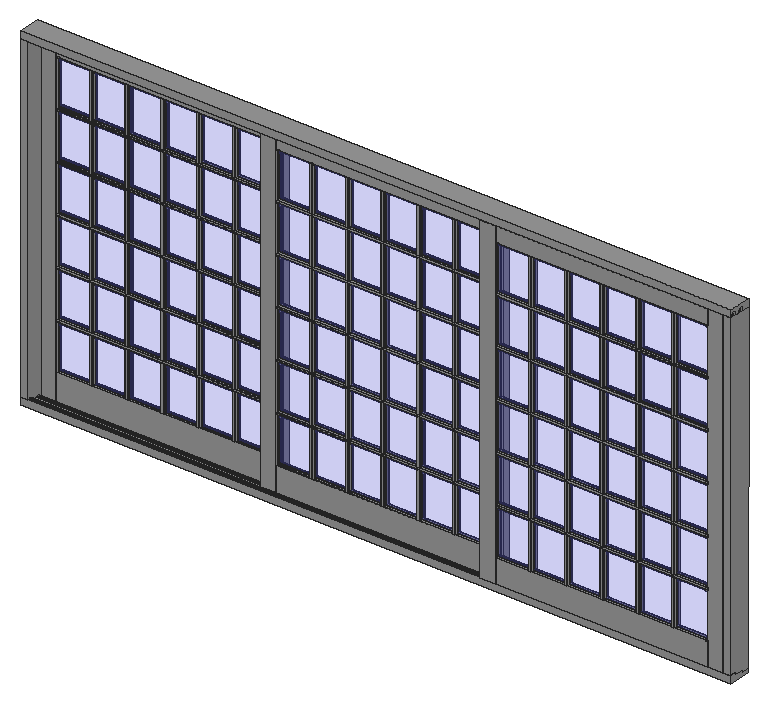
Revit family "VSD4.4SPTS LH", category Doors, host Wall, Revit 2015 (continued)
Forms (mm)
  Extrusion 60, solid, material "Lauan, Meranti"
    sketch origin (103.333, -45, 0) x (-1, 0, 0) y (0, -1, 0)
      loop
        line (544.95, -31) -> (544.95, -33)
        arc (544.95, -33) -> (540.28, -34.634) -> (537.95, -39) r 6.807
        line (537.95, -39) -> (535.95, -39) -> (535.95, -41) -> (544.95, -41) -> (544.95, -71) -> (557.95, -71) -> (557.95, -41) -> (566.95, -41) -> (566.95, -39) -> (564.95, -39)
        arc (564.95, -39) -> (562.62, -34.634) -> (557.95, -33) r 6.807
        line (557.95, -33) -> (557.95, -31) -> (544.95, -31)
      loop
        line (320.9, -31) -> (320.9, -33)
        arc (320.9, -33) -> (316.23, -34.634) -> (313.9, -39) r 6.807
        line (313.9, -39) -> (311.9, -39) -> (311.9, -41) -> (320.9, -41) -> (320.9, -71) -> (333.9, -71) -> (333.9, -41) -> (342.9, -41) -> (342.9, -39) -> (340.9, -39)
        arc (340.9, -39) -> (338.57, -34.634) -> (333.9, -33) r 6.807
        line (333.9, -33) -> (333.9, -31) -> (320.9, -31)
      loop
        line (96.85, -31) -> (96.85, -33)
        arc (96.85, -33) -> (92.18, -34.634) -> (89.85, -39) r 6.807
        line (89.85, -39) -> (87.85, -39) -> (87.85, -41) -> (96.85, -41) -> (96.85, -71) -> (109.85, -71) -> (109.85, -41) -> (118.85, -41) -> (118.85, -39) -> (116.85, -39)
        arc (116.85, -39) -> (114.52, -34.634) -> (109.85, -33) r 6.807
        line (109.85, -33) -> (109.85, -31) -> (96.85, -31)
      loop
        line (-127.2, -31) -> (-127.2, -33)
        arc (-127.2, -33) -> (-131.87, -34.634) -> (-134.2, -39) r 6.807
        line (-134.2, -39) -> (-136.2, -39) -> (-136.2, -41) -> (-127.2, -41) -> (-127.2, -71) -> (-114.2, -71) -> (-114.2, -41) -> (-105.2, -41) -> (-105.2, -39) -> (-107.2, -39)
        arc (-107.2, -39) -> (-109.53, -34.634) -> (-114.2, -33) r 6.807
        line (-114.2, -33) -> (-114.2, -31) -> (-127.2, -31)
      loop
        line (-351.25, -31) -> (-351.25, -33)
        arc (-351.25, -33) -> (-355.92, -34.634) -> (-358.25, -39) r 6.807
        line (-358.25, -39) -> (-360.25, -39) -> (-360.25, -41) -> (-351.25, -41) -> (-351.25, -71) -> (-338.25, -71) -> (-338.25, -41) -> (-329.25, -41) -> (-329.25, -39) -> (-331.25, -39)
        arc (-331.25, -39) -> (-333.58, -34.634) -> (-338.25, -33) r 6.807
        line (-338.25, -33) -> (-338.25, -31) -> (-351.25, -31)
    from 1675 to 1959
  Sweep 61, solid, material "Lauan, Meranti"
    path origin (71.778, -120, -781.763) x (-1, 0, 0) y (0, 0, -1)
      loop
        line (302.345, -2740.763) -> (513.395, -2740.763) -> (513.395, -2456.763) -> (302.345, -2456.763) -> (302.345, -2740.763)
    profile origin (-336.092, -120, 1959) x (0, 0, -1) y (0, -1, 0)
      loop
        line (9, -124.5) -> (0, -124.5) -> (0, -132.5)
        arc (0, -132.5) -> (4.67, -130.866) -> (7, -126.5) r 6.807
        line (7, -126.5) -> (9, -126.5) -> (9, -124.5)
  Sweep 62, solid, material "Lauan, Meranti"
    path origin (295.828, -120, -781.763) x (-1, 0, 0) y (0, 0, -1)
      loop
        line (302.345, -2740.763) -> (513.395, -2740.763) -> (513.395, -2456.763) -> (302.345, -2456.763) -> (302.345, -2740.763)
    profile origin (-112.042, -120, 1959) x (0, 0, -1) y (0, -1, 0)
      loop
        line (9, -124.5) -> (0, -124.5) -> (0, -132.5)
        arc (0, -132.5) -> (4.67, -130.866) -> (7, -126.5) r 6.807
        line (7, -126.5) -> (9, -126.5) -> (9, -124.5)
  Sweep 63, solid, material "Lauan, Meranti"
    path origin (519.878, -120, -781.763) x (-1, 0, 0) y (0, 0, -1)
      loop
        line (302.345, -2740.763) -> (513.395, -2740.763) -> (513.395, -2456.763) -> (302.345, -2456.763) -> (302.345, -2740.763)
    profile origin (112.008, -120, 1959) x (0, 0, -1) y (0, -1, 0)
      loop
        line (9, -124.5) -> (0, -124.5) -> (0, -132.5)
        arc (0, -132.5) -> (4.67, -130.866) -> (7, -126.5) r 6.807
        line (7, -126.5) -> (9, -126.5) -> (9, -124.5)
  Sweep 64, solid, material "Lauan, Meranti"
    path origin (743.928, -120, -781.763) x (-1, 0, 0) y (0, 0, -1)
      loop
        line (302.345, -2740.763) -> (513.395, -2740.763) -> (513.395, -2456.763) -> (302.345, -2456.763) -> (302.345, -2740.763)
    profile origin (336.058, -120, 1959) x (0, 0, -1) y (0, -1, 0)
      loop
        line (9, -124.5) -> (0, -124.5) -> (0, -132.5)
        arc (0, -132.5) -> (4.67, -130.866) -> (7, -126.5) r 6.807
        line (7, -126.5) -> (9, -126.5) -> (9, -124.5)
  Sweep 65, solid, material "Lauan, Meranti"
    path origin (967.978, -120, -781.763) x (-1, 0, 0) y (0, 0, -1)
      loop
        line (302.345, -2740.763) -> (513.395, -2740.763) -> (513.395, -2456.763) -> (302.345, -2456.763) -> (302.345, -2740.763)
    profile origin (560.108, -120, 1959) x (0, 0, -1) y (0, -1, 0)
      loop
        line (9, -124.5) -> (0, -124.5) -> (0, -132.5)
        arc (0, -132.5) -> (4.67, -130.866) -> (7, -126.5) r 6.807
        line (7, -126.5) -> (9, -126.5) -> (9, -124.5)
  Sweep 66, solid, material "Lauan, Meranti"
    path origin (-152.272, -120, -1078.763) x (-1, 0, 0) y (0, 0, -1)
      loop
        line (302.345, -2740.763) -> (513.395, -2740.763) -> (513.395, -2456.763) -> (302.345, -2456.763) -> (302.345, -2740.763)
    profile origin (-560.142, -120, 1662) x (0, 0, -1) y (0, -1, 0)
      loop
        line (9, -124.5) -> (0, -124.5) -> (0, -132.5)
        arc (0, -132.5) -> (4.67, -130.866) -> (7, -126.5) r 6.807
        line (7, -126.5) -> (9, -126.5) -> (9, -124.5)
  Extrusion 67, solid, material "Lauan, Meranti"
    sketch origin (103.333, -45, -297) x (-1, 0, 0) y (0, -1, 0)
      loop
        line (544.95, -31) -> (544.95, -33)
        arc (544.95, -33) -> (540.28, -34.634) -> (537.95, -39) r 6.807
        line (537.95, -39) -> (535.95, -39) -> (535.95, -41) -> (544.95, -41) -> (544.95, -71) -> (557.95, -71) -> (557.95, -41) -> (566.95, -41) -> (566.95, -39) -> (564.95, -39)
        arc (564.95, -39) -> (562.62, -34.634) -> (557.95, -33) r 6.807
        line (557.95, -33) -> (557.95, -31) -> (544.95, -31)
      loop
        line (320.9, -31) -> (320.9, -33)
        arc (320.9, -33) -> (316.23, -34.634) -> (313.9, -39) r 6.807
        line (313.9, -39) -> (311.9, -39) -> (311.9, -41) -> (320.9, -41) -> (320.9, -71) -> (333.9, -71) -> (333.9, -41) -> (342.9, -41) -> (342.9, -39) -> (340.9, -39)
        arc (340.9, -39) -> (338.57, -34.634) -> (333.9, -33) r 6.807
        line (333.9, -33) -> (333.9, -31) -> (320.9, -31)
      loop
        line (96.85, -31) -> (96.85, -33)
        arc (96.85, -33) -> (92.18, -34.634) -> (89.85, -39) r 6.807
        line (89.85, -39) -> (87.85, -39) -> (87.85, -41) -> (96.85, -41) -> (96.85, -71) -> (109.85, -71) -> (109.85, -41) -> (118.85, -41) -> (118.85, -39) -> (116.85, -39)
        arc (116.85, -39) -> (114.52, -34.634) -> (109.85, -33) r 6.807
        line (109.85, -33) -> (109.85, -31) -> (96.85, -31)
      loop
        line (-127.2, -31) -> (-127.2, -33)
        arc (-127.2, -33) -> (-131.87, -34.634) -> (-134.2, -39) r 6.807
        line (-134.2, -39) -> (-136.2, -39) -> (-136.2, -41) -> (-127.2, -41) -> (-127.2, -71) -> (-114.2, -71) -> (-114.2, -41) -> (-105.2, -41) -> (-105.2, -39) -> (-107.2, -39)
        arc (-107.2, -39) -> (-109.53, -34.634) -> (-114.2, -33) r 6.807
        line (-114.2, -33) -> (-114.2, -31) -> (-127.2, -31)
      loop
        line (-351.25, -31) -> (-351.25, -33)
        arc (-351.25, -33) -> (-355.92, -34.634) -> (-358.25, -39) r 6.807
        line (-358.25, -39) -> (-360.25, -39) -> (-360.25, -41) -> (-351.25, -41) -> (-351.25, -71) -> (-338.25, -71) -> (-338.25, -41) -> (-329.25, -41) -> (-329.25, -39) -> (-331.25, -39)
        arc (-331.25, -39) -> (-333.58, -34.634) -> (-338.25, -33) r 6.807
        line (-338.25, -33) -> (-338.25, -31) -> (-351.25, -31)
    from 1675 to 1959
  Sweep 68, solid, material "Lauan, Meranti"
    path origin (71.778, -120, -1078.763) x (-1, 0, 0) y (0, 0, -1)
      loop
        line (302.345, -2740.763) -> (513.395, -2740.763) -> (513.395, -2456.763) -> (302.345, -2456.763) -> (302.345, -2740.763)
    profile origin (-336.092, -120, 1662) x (0, 0, -1) y (0, -1, 0)
      loop
        line (9, -124.5) -> (0, -124.5) -> (0, -132.5)
        arc (0, -132.5) -> (4.67, -130.866) -> (7, -126.5) r 6.807
        line (7, -126.5) -> (9, -126.5) -> (9, -124.5)
  Sweep 69, solid, material "Lauan, Meranti"
    path origin (295.828, -120, -1078.763) x (-1, 0, 0) y (0, 0, -1)
      loop
        line (302.345, -2740.763) -> (513.395, -2740.763) -> (513.395, -2456.763) -> (302.345, -2456.763) -> (302.345, -2740.763)
    profile origin (-112.042, -120, 1662) x (0, 0, -1) y (0, -1, 0)
      loop
        line (9, -124.5) -> (0, -124.5) -> (0, -132.5)
        arc (0, -132.5) -> (4.67, -130.866) -> (7, -126.5) r 6.807
        line (7, -126.5) -> (9, -126.5) -> (9, -124.5)
  Sweep 70, solid, material "Lauan, Meranti"
    path origin (519.878, -120, -1078.763) x (-1, 0, 0) y (0, 0, -1)
      loop
        line (302.345, -2740.763) -> (513.395, -2740.763) -> (513.395, -2456.763) -> (302.345, -2456.763) -> (302.345, -2740.763)
    profile origin (112.008, -120, 1662) x (0, 0, -1) y (0, -1, 0)
      loop
        line (9, -124.5) -> (0, -124.5) -> (0, -132.5)
        arc (0, -132.5) -> (4.67, -130.866) -> (7, -126.5) r 6.807
        line (7, -126.5) -> (9, -126.5) -> (9, -124.5)
  Sweep 71, solid, material "Lauan, Meranti"
    path origin (743.928, -120, -1078.763) x (-1, 0, 0) y (0, 0, -1)
      loop
        line (302.345, -2740.763) -> (513.395, -2740.763) -> (513.395, -2456.763) -> (302.345, -2456.763) -> (302.345, -2740.763)
    profile origin (336.058, -120, 1662) x (0, 0, -1) y (0, -1, 0)
      loop
        line (9, -124.5) -> (0, -124.5) -> (0, -132.5)
        arc (0, -132.5) -> (4.67, -130.866) -> (7, -126.5) r 6.807
        line (7, -126.5) -> (9, -126.5) -> (9, -124.5)
  Sweep 72, solid, material "Lauan, Meranti"
    path origin (967.978, -120, -1078.763) x (-1, 0, 0) y (0, 0, -1)
      loop
        line (302.345, -2740.763) -> (513.395, -2740.763) -> (513.395, -2456.763) -> (302.345, -2456.763) -> (302.345, -2740.763)
    profile origin (560.108, -120, 1662) x (0, 0, -1) y (0, -1, 0)
      loop
        line (9, -124.5) -> (0, -124.5) -> (0, -132.5)
        arc (0, -132.5) -> (4.67, -130.866) -> (7, -126.5) r 6.807
        line (7, -126.5) -> (9, -126.5) -> (9, -124.5)
  Sweep 73, solid, material "Lauan, Meranti"
    path origin (-152.272, -120, -1375.763) x (-1, 0, 0) y (0, 0, -1)
      loop
        line (302.345, -2740.763) -> (513.395, -2740.763) -> (513.395, -2456.763) -> (302.345, -2456.763) -> (302.345, -2740.763)
    profile origin (-560.142, -120, 1365) x (0, 0, -1) y (0, -1, 0)
      loop
        line (9, -124.5) -> (0, -124.5) -> (0, -132.5)
        arc (0, -132.5) -> (4.67, -130.866) -> (7, -126.5) r 6.807
        line (7, -126.5) -> (9, -126.5) -> (9, -124.5)
  Extrusion 74, solid, material "Lauan, Meranti"
    sketch origin (103.333, -45, -594) x (-1, 0, 0) y (0, -1, 0)
      loop
        line (544.95, -31) -> (544.95, -33)
        arc (544.95, -33) -> (540.28, -34.634) -> (537.95, -39) r 6.807
        line (537.95, -39) -> (535.95, -39) -> (535.95, -41) -> (544.95, -41) -> (544.95, -71) -> (557.95, -71) -> (557.95, -41) -> (566.95, -41) -> (566.95, -39) -> (564.95, -39)
        arc (564.95, -39) -> (562.62, -34.634) -> (557.95, -33) r 6.807
        line (557.95, -33) -> (557.95, -31) -> (544.95, -31)
      loop
        line (320.9, -31) -> (320.9, -33)
        arc (320.9, -33) -> (316.23, -34.634) -> (313.9, -39) r 6.807
        line (313.9, -39) -> (311.9, -39) -> (311.9, -41) -> (320.9, -41) -> (320.9, -71) -> (333.9, -71) -> (333.9, -41) -> (342.9, -41) -> (342.9, -39) -> (340.9, -39)
        arc (340.9, -39) -> (338.57, -34.634) -> (333.9, -33) r 6.807
        line (333.9, -33) -> (333.9, -31) -> (320.9, -31)
      loop
        line (96.85, -31) -> (96.85, -33)
        arc (96.85, -33) -> (92.18, -34.634) -> (89.85, -39) r 6.807
        line (89.85, -39) -> (87.85, -39) -> (87.85, -41) -> (96.85, -41) -> (96.85, -71) -> (109.85, -71) -> (109.85, -41) -> (118.85, -41) -> (118.85, -39) -> (116.85, -39)
        arc (116.85, -39) -> (114.52, -34.634) -> (109.85, -33) r 6.807
        line (109.85, -33) -> (109.85, -31) -> (96.85, -31)
      loop
        line (-127.2, -31) -> (-127.2, -33)
        arc (-127.2, -33) -> (-131.87, -34.634) -> (-134.2, -39) r 6.807
        line (-134.2, -39) -> (-136.2, -39) -> (-136.2, -41) -> (-127.2, -41) -> (-127.2, -71) -> (-114.2, -71) -> (-114.2, -41) -> (-105.2, -41) -> (-105.2, -39) -> (-107.2, -39)
        arc (-107.2, -39) -> (-109.53, -34.634) -> (-114.2, -33) r 6.807
        line (-114.2, -33) -> (-114.2, -31) -> (-127.2, -31)
      loop
        line (-351.25, -31) -> (-351.25, -33)
        arc (-351.25, -33) -> (-355.92, -34.634) -> (-358.25, -39) r 6.807
        line (-358.25, -39) -> (-360.25, -39) -> (-360.25, -41) -> (-351.25, -41) -> (-351.25, -71) -> (-338.25, -71) -> (-338.25, -41) -> (-329.25, -41) -> (-329.25, -39) -> (-331.25, -39)
        arc (-331.25, -39) -> (-333.58, -34.634) -> (-338.25, -33) r 6.807
        line (-338.25, -33) -> (-338.25, -31) -> (-351.25, -31)
    from 1675 to 1959
  Sweep 75, solid, material "Lauan, Meranti"
    path origin (71.778, -120, -1375.763) x (-1, 0, 0) y (0, 0, -1)
      loop
        line (302.345, -2740.763) -> (513.395, -2740.763) -> (513.395, -2456.763) -> (302.345, -2456.763) -> (302.345, -2740.763)
    profile origin (-336.092, -120, 1365) x (0, 0, -1) y (0, -1, 0)
      loop
        line (9, -124.5) -> (0, -124.5) -> (0, -132.5)
        arc (0, -132.5) -> (4.67, -130.866) -> (7, -126.5) r 6.807
        line (7, -126.5) -> (9, -126.5) -> (9, -124.5)
  Sweep 76, solid, material "Lauan, Meranti"
    path origin (295.828, -120, -1375.763) x (-1, 0, 0) y (0, 0, -1)
      loop
        line (302.345, -2740.763) -> (513.395, -2740.763) -> (513.395, -2456.763) -> (302.345, -2456.763) -> (302.345, -2740.763)
    profile origin (-112.042, -120, 1365) x (0, 0, -1) y (0, -1, 0)
      loop
        line (9, -124.5) -> (0, -124.5) -> (0, -132.5)
        arc (0, -132.5) -> (4.67, -130.866) -> (7, -126.5) r 6.807
        line (7, -126.5) -> (9, -126.5) -> (9, -124.5)
  Sweep 77, solid, material "Lauan, Meranti"
    path origin (519.878, -120, -1375.763) x (-1, 0, 0) y (0, 0, -1)
      loop
        line (302.345, -2740.763) -> (513.395, -2740.763) -> (513.395, -2456.763) -> (302.345, -2456.763) -> (302.345, -2740.763)
    profile origin (112.008, -120, 1365) x (0, 0, -1) y (0, -1, 0)
      loop
        line (9, -124.5) -> (0, -124.5) -> (0, -132.5)
        arc (0, -132.5) -> (4.67, -130.866) -> (7, -126.5) r 6.807
        line (7, -126.5) -> (9, -126.5) -> (9, -124.5)
  Sweep 78, solid, material "Lauan, Meranti"
    path origin (743.928, -120, -1375.763) x (-1, 0, 0) y (0, 0, -1)
      loop
        line (302.345, -2740.763) -> (513.395, -2740.763) -> (513.395, -2456.763) -> (302.345, -2456.763) -> (302.345, -2740.763)
    profile origin (336.058, -120, 1365) x (0, 0, -1) y (0, -1, 0)
      loop
        line (9, -124.5) -> (0, -124.5) -> (0, -132.5)
        arc (0, -132.5) -> (4.67, -130.866) -> (7, -126.5) r 6.807
        line (7, -126.5) -> (9, -126.5) -> (9, -124.5)
  Sweep 79, solid, material "Lauan, Meranti"
    path origin (967.978, -120, -1375.763) x (-1, 0, 0) y (0, 0, -1)
      loop
        line (302.345, -2740.763) -> (513.395, -2740.763) -> (513.395, -2456.763) -> (302.345, -2456.763) -> (302.345, -2740.763)
    profile origin (560.108, -120, 1365) x (0, 0, -1) y (0, -1, 0)
      loop
        line (9, -124.5) -> (0, -124.5) -> (0, -132.5)
        arc (0, -132.5) -> (4.67, -130.866) -> (7, -126.5) r 6.807
        line (7, -126.5) -> (9, -126.5) -> (9, -124.5)
  Sweep 80, solid, material "Lauan, Meranti"
    path origin (-152.272, -120, -1672.763) x (-1, 0, 0) y (0, 0, -1)
      loop
        line (302.345, -2740.763) -> (513.395, -2740.763) -> (513.395, -2456.763) -> (302.345, -2456.763) -> (302.345, -2740.763)
    profile origin (-560.142, -120, 1068) x (0, 0, -1) y (0, -1, 0)
      loop
        line (9, -124.5) -> (0, -124.5) -> (0, -132.5)
        arc (0, -132.5) -> (4.67, -130.866) -> (7, -126.5) r 6.807
        line (7, -126.5) -> (9, -126.5) -> (9, -124.5)
  Extrusion 81, solid, material "Lauan, Meranti"
    sketch origin (103.333, -45, -891) x (-1, 0, 0) y (0, -1, 0)
      loop
        line (544.95, -31) -> (544.95, -33)
        arc (544.95, -33) -> (540.28, -34.634) -> (537.95, -39) r 6.807
        line (537.95, -39) -> (535.95, -39) -> (535.95, -41) -> (544.95, -41) -> (544.95, -71) -> (557.95, -71) -> (557.95, -41) -> (566.95, -41) -> (566.95, -39) -> (564.95, -39)
        arc (564.95, -39) -> (562.62, -34.634) -> (557.95, -33) r 6.807
        line (557.95, -33) -> (557.95, -31) -> (544.95, -31)
      loop
        line (320.9, -31) -> (320.9, -33)
        arc (320.9, -33) -> (316.23, -34.634) -> (313.9, -39) r 6.807
        line (313.9, -39) -> (311.9, -39) -> (311.9, -41) -> (320.9, -41) -> (320.9, -71) -> (333.9, -71) -> (333.9, -41) -> (342.9, -41) -> (342.9, -39) -> (340.9, -39)
        arc (340.9, -39) -> (338.57, -34.634) -> (333.9, -33) r 6.807
        line (333.9, -33) -> (333.9, -31) -> (320.9, -31)
      loop
        line (96.85, -31) -> (96.85, -33)
        arc (96.85, -33) -> (92.18, -34.634) -> (89.85, -39) r 6.807
        line (89.85, -39) -> (87.85, -39) -> (87.85, -41) -> (96.85, -41) -> (96.85, -71) -> (109.85, -71) -> (109.85, -41) -> (118.85, -41) -> (118.85, -39) -> (116.85, -39)
        arc (116.85, -39) -> (114.52, -34.634) -> (109.85, -33) r 6.807
        line (109.85, -33) -> (109.85, -31) -> (96.85, -31)
      loop
        line (-127.2, -31) -> (-127.2, -33)
        arc (-127.2, -33) -> (-131.87, -34.634) -> (-134.2, -39) r 6.807
        line (-134.2, -39) -> (-136.2, -39) -> (-136.2, -41) -> (-127.2, -41) -> (-127.2, -71) -> (-114.2, -71) -> (-114.2, -41) -> (-105.2, -41) -> (-105.2, -39) -> (-107.2, -39)
        arc (-107.2, -39) -> (-109.53, -34.634) -> (-114.2, -33) r 6.807
        line (-114.2, -33) -> (-114.2, -31) -> (-127.2, -31)
      loop
        line (-351.25, -31) -> (-351.25, -33)
        arc (-351.25, -33) -> (-355.92, -34.634) -> (-358.25, -39) r 6.807
        line (-358.25, -39) -> (-360.25, -39) -> (-360.25, -41) -> (-351.25, -41) -> (-351.25, -71) -> (-338.25, -71) -> (-338.25, -41) -> (-329.25, -41) -> (-329.25, -39) -> (-331.25, -39)
        arc (-331.25, -39) -> (-333.58, -34.634) -> (-338.25, -33) r 6.807
        line (-338.25, -33) -> (-338.25, -31) -> (-351.25, -31)
    from 1675 to 1959
  Sweep 82, solid, material "Lauan, Meranti"
    path origin (71.778, -120, -1672.763) x (-1, 0, 0) y (0, 0, -1)
      loop
        line (302.345, -2740.763) -> (513.395, -2740.763) -> (513.395, -2456.763) -> (302.345, -2456.763) -> (302.345, -2740.763)
    profile origin (-336.092, -120, 1068) x (0, 0, -1) y (0, -1, 0)
      loop
        line (9, -124.5) -> (0, -124.5) -> (0, -132.5)
        arc (0, -132.5) -> (4.67, -130.866) -> (7, -126.5) r 6.807
        line (7, -126.5) -> (9, -126.5) -> (9, -124.5)
  Sweep 83, solid, material "Lauan, Meranti"
    path origin (295.828, -120, -1672.763) x (-1, 0, 0) y (0, 0, -1)
      loop
        line (302.345, -2740.763) -> (513.395, -2740.763) -> (513.395, -2456.763) -> (302.345, -2456.763) -> (302.345, -2740.763)
    profile origin (-112.042, -120, 1068) x (0, 0, -1) y (0, -1, 0)
      loop
        line (9, -124.5) -> (0, -124.5) -> (0, -132.5)
        arc (0, -132.5) -> (4.67, -130.866) -> (7, -126.5) r 6.807
        line (7, -126.5) -> (9, -126.5) -> (9, -124.5)
  Sweep 84, solid, material "Lauan, Meranti"
    path origin (519.878, -120, -1672.763) x (-1, 0, 0) y (0, 0, -1)
      loop
        line (302.345, -2740.763) -> (513.395, -2740.763) -> (513.395, -2456.763) -> (302.345, -2456.763) -> (302.345, -2740.763)
    profile origin (112.008, -120, 1068) x (0, 0, -1) y (0, -1, 0)
      loop
        line (9, -124.5) -> (0, -124.5) -> (0, -132.5)
        arc (0, -132.5) -> (4.67, -130.866) -> (7, -126.5) r 6.807
        line (7, -126.5) -> (9, -126.5) -> (9, -124.5)
  Sweep 85, solid, material "Lauan, Meranti"
    path origin (743.928, -120, -1672.763) x (-1, 0, 0) y (0, 0, -1)
      loop
        line (302.345, -2740.763) -> (513.395, -2740.763) -> (513.395, -2456.763) -> (302.345, -2456.763) -> (302.345, -2740.763)
    profile origin (336.058, -120, 1068) x (0, 0, -1) y (0, -1, 0)
      loop
        line (9, -124.5) -> (0, -124.5) -> (0, -132.5)
        arc (0, -132.5) -> (4.67, -130.866) -> (7, -126.5) r 6.807
        line (7, -126.5) -> (9, -126.5) -> (9, -124.5)
  Sweep 86, solid, material "Lauan, Meranti"
    path origin (967.978, -120, -1672.763) x (-1, 0, 0) y (0, 0, -1)
      loop
        line (302.345, -2740.763) -> (513.395, -2740.763) -> (513.395, -2456.763) -> (302.345, -2456.763) -> (302.345, -2740.763)
    profile origin (560.108, -120, 1068) x (0, 0, -1) y (0, -1, 0)
      loop
        line (9, -124.5) -> (0, -124.5) -> (0, -132.5)
        arc (0, -132.5) -> (4.67, -130.866) -> (7, -126.5) r 6.807
        line (7, -126.5) -> (9, -126.5) -> (9, -124.5)
  Sweep 87, solid, material "Lauan, Meranti"
    path origin (-152.272, -120, -1969.763) x (-1, 0, 0) y (0, 0, -1)
      loop
        line (302.345, -2740.763) -> (513.395, -2740.763) -> (513.395, -2456.763) -> (302.345, -2456.763) -> (302.345, -2740.763)
    profile origin (-560.142, -120, 771) x (0, 0, -1) y (0, -1, 0)
      loop
        line (9, -124.5) -> (0, -124.5) -> (0, -132.5)
        arc (0, -132.5) -> (4.67, -130.866) -> (7, -126.5) r 6.807
        line (7, -126.5) -> (9, -126.5) -> (9, -124.5)
  Extrusion 88, solid, material "Lauan, Meranti"
    sketch origin (103.333, -45, -1188) x (-1, 0, 0) y (0, -1, 0)
      loop
        line (544.95, -31) -> (544.95, -33)
        arc (544.95, -33) -> (540.28, -34.634) -> (537.95, -39) r 6.807
        line (537.95, -39) -> (535.95, -39) -> (535.95, -41) -> (544.95, -41) -> (544.95, -71) -> (557.95, -71) -> (557.95, -41) -> (566.95, -41) -> (566.95, -39) -> (564.95, -39)
        arc (564.95, -39) -> (562.62, -34.634) -> (557.95, -33) r 6.807
        line (557.95, -33) -> (557.95, -31) -> (544.95, -31)
      loop
        line (320.9, -31) -> (320.9, -33)
        arc (320.9, -33) -> (316.23, -34.634) -> (313.9, -39) r 6.807
        line (313.9, -39) -> (311.9, -39) -> (311.9, -41) -> (320.9, -41) -> (320.9, -71) -> (333.9, -71) -> (333.9, -41) -> (342.9, -41) -> (342.9, -39) -> (340.9, -39)
        arc (340.9, -39) -> (338.57, -34.634) -> (333.9, -33) r 6.807
        line (333.9, -33) -> (333.9, -31) -> (320.9, -31)
      loop
        line (96.85, -31) -> (96.85, -33)
        arc (96.85, -33) -> (92.18, -34.634) -> (89.85, -39) r 6.807
        line (89.85, -39) -> (87.85, -39) -> (87.85, -41) -> (96.85, -41) -> (96.85, -71) -> (109.85, -71) -> (109.85, -41) -> (118.85, -41) -> (118.85, -39) -> (116.85, -39)
        arc (116.85, -39) -> (114.52, -34.634) -> (109.85, -33) r 6.807
        line (109.85, -33) -> (109.85, -31) -> (96.85, -31)
      loop
        line (-127.2, -31) -> (-127.2, -33)
        arc (-127.2, -33) -> (-131.87, -34.634) -> (-134.2, -39) r 6.807
        line (-134.2, -39) -> (-136.2, -39) -> (-136.2, -41) -> (-127.2, -41) -> (-127.2, -71) -> (-114.2, -71) -> (-114.2, -41) -> (-105.2, -41) -> (-105.2, -39) -> (-107.2, -39)
        arc (-107.2, -39) -> (-109.53, -34.634) -> (-114.2, -33) r 6.807
        line (-114.2, -33) -> (-114.2, -31) -> (-127.2, -31)
      loop
        line (-351.25, -31) -> (-351.25, -33)
        arc (-351.25, -33) -> (-355.92, -34.634) -> (-358.25, -39) r 6.807
        line (-358.25, -39) -> (-360.25, -39) -> (-360.25, -41) -> (-351.25, -41) -> (-351.25, -71) -> (-338.25, -71) -> (-338.25, -41) -> (-329.25, -41) -> (-329.25, -39) -> (-331.25, -39)
        arc (-331.25, -39) -> (-333.58, -34.634) -> (-338.25, -33) r 6.807
        line (-338.25, -33) -> (-338.25, -31) -> (-351.25, -31)
    from 1675 to 1959
  Sweep 89, solid, material "Lauan, Meranti"
    path origin (71.778, -120, -1969.763) x (-1, 0, 0) y (0, 0, -1)
      loop
        line (302.345, -2740.763) -> (513.395, -2740.763) -> (513.395, -2456.763) -> (302.345, -2456.763) -> (302.345, -2740.763)
    profile origin (-336.092, -120, 771) x (0, 0, -1) y (0, -1, 0)
      loop
        line (9, -124.5) -> (0, -124.5) -> (0, -132.5)
        arc (0, -132.5) -> (4.67, -130.866) -> (7, -126.5) r 6.807
        line (7, -126.5) -> (9, -126.5) -> (9, -124.5)
  Sweep 90, solid, material "Lauan, Meranti"
    path origin (295.828, -120, -1969.763) x (-1, 0, 0) y (0, 0, -1)
      loop
        line (302.345, -2740.763) -> (513.395, -2740.763) -> (513.395, -2456.763) -> (302.345, -2456.763) -> (302.345, -2740.763)
    profile origin (-112.042, -120, 771) x (0, 0, -1) y (0, -1, 0)
      loop
        line (9, -124.5) -> (0, -124.5) -> (0, -132.5)
        arc (0, -132.5) -> (4.67, -130.866) -> (7, -126.5) r 6.807
        line (7, -126.5) -> (9, -126.5) -> (9, -124.5)
  Sweep 91, solid, material "Lauan, Meranti"
    path origin (519.878, -120, -1969.763) x (-1, 0, 0) y (0, 0, -1)
      loop
        line (302.345, -2740.763) -> (513.395, -2740.763) -> (513.395, -2456.763) -> (302.345, -2456.763) -> (302.345, -2740.763)
    profile origin (112.008, -120, 771) x (0, 0, -1) y (0, -1, 0)
      loop
        line (9, -124.5) -> (0, -124.5) -> (0, -132.5)
        arc (0, -132.5) -> (4.67, -130.866) -> (7, -126.5) r 6.807
        line (7, -126.5) -> (9, -126.5) -> (9, -124.5)
  Sweep 92, solid, material "Lauan, Meranti"
    path origin (743.928, -120, -1969.763) x (-1, 0, 0) y (0, 0, -1)
      loop
        line (302.345, -2740.763) -> (513.395, -2740.763) -> (513.395, -2456.763) -> (302.345, -2456.763) -> (302.345, -2740.763)
    profile origin (336.058, -120, 771) x (0, 0, -1) y (0, -1, 0)
      loop
        line (9, -124.5) -> (0, -124.5) -> (0, -132.5)
        arc (0, -132.5) -> (4.67, -130.866) -> (7, -126.5) r 6.807
        line (7, -126.5) -> (9, -126.5) -> (9, -124.5)
  Sweep 93, solid, material "Lauan, Meranti"
    path origin (967.978, -120, -1969.763) x (-1, 0, 0) y (0, 0, -1)
      loop
        line (302.345, -2740.763) -> (513.395, -2740.763) -> (513.395, -2456.763) -> (302.345, -2456.763) -> (302.345, -2740.763)
    profile origin (560.108, -120, 771) x (0, 0, -1) y (0, -1, 0)
      loop
        line (9, -124.5) -> (0, -124.5) -> (0, -132.5)
        arc (0, -132.5) -> (4.67, -130.866) -> (7, -126.5) r 6.807
        line (7, -126.5) -> (9, -126.5) -> (9, -124.5)
  Sweep 94, solid, material "Lauan, Meranti"
    path origin (-152.272, -120, -2266.763) x (-1, 0, 0) y (0, 0, -1)
      loop
        line (302.345, -2740.763) -> (513.395, -2740.763) -> (513.395, -2456.763) -> (302.345, -2456.763) -> (302.345, -2740.763)
    profile origin (-560.142, -120, 474) x (0, 0, -1) y (0, -1, 0)
      loop
        line (9, -124.5) -> (0, -124.5) -> (0, -132.5)
        arc (0, -132.5) -> (4.67, -130.866) -> (7, -126.5) r 6.807
        line (7, -126.5) -> (9, -126.5) -> (9, -124.5)
  Extrusion 95, solid, material "Lauan, Meranti"
    sketch origin (103.333, -45, -1485) x (-1, 0, 0) y (0, -1, 0)
      loop
        line (544.95, -31) -> (544.95, -33)
        arc (544.95, -33) -> (540.28, -34.634) -> (537.95, -39) r 6.807
        line (537.95, -39) -> (535.95, -39) -> (535.95, -41) -> (544.95, -41) -> (544.95, -71) -> (557.95, -71) -> (557.95, -41) -> (566.95, -41) -> (566.95, -39) -> (564.95, -39)
        arc (564.95, -39) -> (562.62, -34.634) -> (557.95, -33) r 6.807
        line (557.95, -33) -> (557.95, -31) -> (544.95, -31)
      loop
        line (320.9, -31) -> (320.9, -33)
        arc (320.9, -33) -> (316.23, -34.634) -> (313.9, -39) r 6.807
        line (313.9, -39) -> (311.9, -39) -> (311.9, -41) -> (320.9, -41) -> (320.9, -71) -> (333.9, -71) -> (333.9, -41) -> (342.9, -41) -> (342.9, -39) -> (340.9, -39)
        arc (340.9, -39) -> (338.57, -34.634) -> (333.9, -33) r 6.807
        line (333.9, -33) -> (333.9, -31) -> (320.9, -31)
      loop
        line (96.85, -31) -> (96.85, -33)
        arc (96.85, -33) -> (92.18, -34.634) -> (89.85, -39) r 6.807
        line (89.85, -39) -> (87.85, -39) -> (87.85, -41) -> (96.85, -41) -> (96.85, -71) -> (109.85, -71) -> (109.85, -41) -> (118.85, -41) -> (118.85, -39) -> (116.85, -39)
        arc (116.85, -39) -> (114.52, -34.634) -> (109.85, -33) r 6.807
        line (109.85, -33) -> (109.85, -31) -> (96.85, -31)
      loop
        line (-127.2, -31) -> (-127.2, -33)
        arc (-127.2, -33) -> (-131.87, -34.634) -> (-134.2, -39) r 6.807
        line (-134.2, -39) -> (-136.2, -39) -> (-136.2, -41) -> (-127.2, -41) -> (-127.2, -71) -> (-114.2, -71) -> (-114.2, -41) -> (-105.2, -41) -> (-105.2, -39) -> (-107.2, -39)
        arc (-107.2, -39) -> (-109.53, -34.634) -> (-114.2, -33) r 6.807
        line (-114.2, -33) -> (-114.2, -31) -> (-127.2, -31)
      loop
        line (-351.25, -31) -> (-351.25, -33)
        arc (-351.25, -33) -> (-355.92, -34.634) -> (-358.25, -39) r 6.807
        line (-358.25, -39) -> (-360.25, -39) -> (-360.25, -41) -> (-351.25, -41) -> (-351.25, -71) -> (-338.25, -71) -> (-338.25, -41) -> (-329.25, -41) -> (-329.25, -39) -> (-331.25, -39)
        arc (-331.25, -39) -> (-333.58, -34.634) -> (-338.25, -33) r 6.807
        line (-338.25, -33) -> (-338.25, -31) -> (-351.25, -31)
    from 1675 to 1959
  Sweep 96, solid, material "Lauan, Meranti"
    path origin (71.778, -120, -2266.763) x (-1, 0, 0) y (0, 0, -1)
      loop
        line (302.345, -2740.763) -> (513.395, -2740.763) -> (513.395, -2456.763) -> (302.345, -2456.763) -> (302.345, -2740.763)
    profile origin (-336.092, -120, 474) x (0, 0, -1) y (0, -1, 0)
      loop
        line (9, -124.5) -> (0, -124.5) -> (0, -132.5)
        arc (0, -132.5) -> (4.67, -130.866) -> (7, -126.5) r 6.807
        line (7, -126.5) -> (9, -126.5) -> (9, -124.5)
  Sweep 97, solid, material "Lauan, Meranti"
    path origin (295.828, -120, -2266.763) x (-1, 0, 0) y (0, 0, -1)
      loop
        line (302.345, -2740.763) -> (513.395, -2740.763) -> (513.395, -2456.763) -> (302.345, -2456.763) -> (302.345, -2740.763)
    profile origin (-112.042, -120, 474) x (0, 0, -1) y (0, -1, 0)
      loop
        line (9, -124.5) -> (0, -124.5) -> (0, -132.5)
        arc (0, -132.5) -> (4.67, -130.866) -> (7, -126.5) r 6.807
        line (7, -126.5) -> (9, -126.5) -> (9, -124.5)
  Sweep 98, solid, material "Lauan, Meranti"
    path origin (519.878, -120, -2266.763) x (-1, 0, 0) y (0, 0, -1)
      loop
        line (302.345, -2740.763) -> (513.395, -2740.763) -> (513.395, -2456.763) -> (302.345, -2456.763) -> (302.345, -2740.763)
    profile origin (112.008, -120, 474) x (0, 0, -1) y (0, -1, 0)
      loop
        line (9, -124.5) -> (0, -124.5) -> (0, -132.5)
        arc (0, -132.5) -> (4.67, -130.866) -> (7, -126.5) r 6.807
        line (7, -126.5) -> (9, -126.5) -> (9, -124.5)
  Sweep 99, solid, material "Lauan, Meranti"
    path origin (743.928, -120, -2266.763) x (-1, 0, 0) y (0, 0, -1)
      loop
        line (302.345, -2740.763) -> (513.395, -2740.763) -> (513.395, -2456.763) -> (302.345, -2456.763) -> (302.345, -2740.763)
    profile origin (336.058, -120, 474) x (0, 0, -1) y (0, -1, 0)
      loop
        line (9, -124.5) -> (0, -124.5) -> (0, -132.5)
        arc (0, -132.5) -> (4.67, -130.866) -> (7, -126.5) r 6.807
        line (7, -126.5) -> (9, -126.5) -> (9, -124.5)
  Sweep 100, solid, material "Lauan, Meranti"
    path origin (967.978, -120, -2266.763) x (-1, 0, 0) y (0, 0, -1)
      loop
        line (302.345, -2740.763) -> (513.395, -2740.763) -> (513.395, -2456.763) -> (302.345, -2456.763) -> (302.345, -2740.763)
    profile origin (560.108, -120, 474) x (0, 0, -1) y (0, -1, 0)
      loop
        line (9, -124.5) -> (0, -124.5) -> (0, -132.5)
        arc (0, -132.5) -> (4.67, -130.866) -> (7, -126.5) r 6.807
        line (7, -126.5) -> (9, -126.5) -> (9, -124.5)
  Extrusion 101, solid, material "Lauan, Meranti"
    sketch origin (501.667, -54.5, 0) x (0, 1, 0) y (0, 0, -1)
      loop
        line (-15.5, -190) -> (-13.5, -190)
        arc (-13.5, -190) -> (-11.866, -194.67) -> (-7.5, -197) r 6.807
        line (-7.5, -197) -> (-7.5, -199) -> (-5.5, -199) -> (-5.5, -190) -> (24.5, -190) -> (24.5, -45) -> (-15.5, -45) -> (-15.5, -190)
      loop
        arc (-7.5, -1952) -> (-11.866, -1954.33) -> (-13.5, -1959) r 6.807
        line (-13.5, -1959) -> (-15.5, -1959) -> (-15.5, -2055) -> (24.5, -2055) -> (24.5, -1959) -> (-5.5, -1959) -> (-5.5, -1950) -> (-7.5, -1950) -> (-7.5, -1952)
      loop
        line (-15.5, -1675) -> (-13.5, -1675)
        arc (-13.5, -1675) -> (-11.866, -1679.67) -> (-7.5, -1682) r 6.807
        line (-7.5, -1682) -> (-7.5, -1684) -> (-5.5, -1684) -> (-5.5, -1675) -> (24.5, -1675) -> (24.5, -1662) -> (-5.5, -1662) -> (-5.5, -1653) -> (-7.5, -1653) -> (-7.5, -1655)
        arc (-7.5, -1655) -> (-11.866, -1657.33) -> (-13.5, -1662) r 6.807
        line (-13.5, -1662) -> (-15.5, -1662) -> (-15.5, -1675)
      loop
        line (-15.5, -1378) -> (-13.5, -1378)
        arc (-13.5, -1378) -> (-11.866, -1382.67) -> (-7.5, -1385) r 6.807
        line (-7.5, -1385) -> (-7.5, -1387) -> (-5.5, -1387) -> (-5.5, -1378) -> (24.5, -1378) -> (24.5, -1365) -> (-5.5, -1365) -> (-5.5, -1356) -> (-7.5, -1356) -> (-7.5, -1358)
        arc (-7.5, -1358) -> (-11.866, -1360.33) -> (-13.5, -1365) r 6.807
        line (-13.5, -1365) -> (-15.5, -1365) -> (-15.5, -1378)
      loop
        line (-15.5, -1081) -> (-13.5, -1081)
        arc (-13.5, -1081) -> (-11.866, -1085.67) -> (-7.5, -1088) r 6.807
        line (-7.5, -1088) -> (-7.5, -1090) -> (-5.5, -1090) -> (-5.5, -1081) -> (24.5, -1081) -> (24.5, -1068) -> (-5.5, -1068) -> (-5.5, -1059) -> (-7.5, -1059) -> (-7.5, -1061)
        arc (-7.5, -1061) -> (-11.866, -1063.33) -> (-13.5, -1068) r 6.807
        line (-13.5, -1068) -> (-15.5, -1068) -> (-15.5, -1081)
      loop
        line (-15.5, -784) -> (-13.5, -784)
        arc (-13.5, -784) -> (-11.866, -788.67) -> (-7.5, -791) r 6.807
        line (-7.5, -791) -> (-7.5, -793) -> (-5.5, -793) -> (-5.5, -784) -> (24.5, -784) -> (24.5, -771) -> (-5.5, -771) -> (-5.5, -762) -> (-7.5, -762) -> (-7.5, -764)
        arc (-7.5, -764) -> (-11.866, -766.33) -> (-13.5, -771) r 6.807
        line (-13.5, -771) -> (-15.5, -771) -> (-15.5, -784)
      loop
        line (-15.5, -487) -> (-13.5, -487)
        arc (-13.5, -487) -> (-11.866, -491.67) -> (-7.5, -494) r 6.807
        line (-7.5, -494) -> (-7.5, -496) -> (-5.5, -496) -> (-5.5, -487) -> (24.5, -487) -> (24.5, -474) -> (-5.5, -474) -> (-5.5, -465) -> (-7.5, -465) -> (-7.5, -467)
        arc (-7.5, -467) -> (-11.866, -469.33) -> (-13.5, -474) r 6.807
        line (-13.5, -474) -> (-15.5, -474) -> (-15.5, -487)
    from -1582.333 to -251
  Sweep 102, solid, material "Lauan, Meranti"
    path origin (1266.061, -176, -781.763) x (-1, 0, 0) y (0, 0, -1)
      loop
        line (302.345, -2740.763) -> (513.395, -2740.763) -> (513.395, -2456.763) -> (302.345, -2456.763) -> (302.345, -2740.763)
    profile origin (858.192, -176, 1959) x (0, 0, -1) y (0, -1, 0)
      loop
        line (9, -124.5) -> (0, -124.5) -> (0, -132.5)
        arc (0, -132.5) -> (4.67, -130.866) -> (7, -126.5) r 6.807
        line (7, -126.5) -> (9, -126.5) -> (9, -124.5)
  Extrusion 103, solid, material "Glass"
    sketch origin (993.542, -165.05, -73.649) x (-1, 0, 0) y (0, 0, -1)
      loop
        line (240.875, -2032.649) -> (240.875, -1748.661) -> (29.835, -1748.661) -> (29.835, -2032.649) -> (240.875, -2032.649)
      loop
        line (16.825, -2032.649) -> (16.825, -1748.649) -> (-194.225, -1748.649) -> (-194.225, -2032.649) -> (16.825, -2032.649)
      loop
        line (-207.225, -2032.649) -> (-207.225, -1748.649) -> (-418.275, -1748.649) -> (-418.275, -2032.649) -> (-207.225, -2032.649)
      loop
        line (-431.275, -2032.649) -> (-431.275, -1748.649) -> (-642.325, -1748.649) -> (-642.325, -2032.649) -> (-431.275, -2032.649)
      loop
        line (-655.325, -2032.649) -> (-655.325, -1748.649) -> (-866.375, -1748.649) -> (-866.375, -2032.649) -> (-655.325, -2032.649)
      loop
        line (-879.375, -2032.649) -> (-879.375, -1748.649) -> (-1090.458, -1748.649) -> (-1090.458, -2032.649) -> (-879.375, -2032.649)
      loop
        line (240.875, -1735.649) -> (240.875, -1451.661) -> (29.835, -1451.661) -> (29.835, -1735.649) -> (240.875, -1735.649)
      loop
        line (16.825, -1735.649) -> (16.825, -1451.649) -> (-194.225, -1451.649) -> (-194.225, -1735.649) -> (16.825, -1735.649)
      loop
        line (-207.225, -1735.649) -> (-207.225, -1451.649) -> (-418.275, -1451.649) -> (-418.275, -1735.649) -> (-207.225, -1735.649)
      loop
        line (-431.275, -1735.649) -> (-431.275, -1451.649) -> (-642.325, -1451.649) -> (-642.325, -1735.649) -> (-431.275, -1735.649)
      loop
        line (-655.325, -1735.649) -> (-655.325, -1451.649) -> (-866.375, -1451.649) -> (-866.375, -1735.649) -> (-655.325, -1735.649)
      loop
        line (-879.375, -1735.649) -> (-879.375, -1451.649) -> (-1090.458, -1451.649) -> (-1090.458, -1735.649) -> (-879.375, -1735.649)
      loop
        line (240.875, -1438.649) -> (240.875, -1154.661) -> (29.835, -1154.661) -> (29.835, -1438.649) -> (240.875, -1438.649)
      loop
        line (16.825, -1438.649) -> (16.825, -1154.649) -> (-194.225, -1154.649) -> (-194.225, -1438.649) -> (16.825, -1438.649)
      loop
        line (-207.225, -1438.649) -> (-207.225, -1154.649) -> (-418.275, -1154.649) -> (-418.275, -1438.649) -> (-207.225, -1438.649)
      loop
        line (-431.275, -1438.649) -> (-431.275, -1154.649) -> (-642.325, -1154.649) -> (-642.325, -1438.649) -> (-431.275, -1438.649)
      loop
        line (-655.325, -1438.649) -> (-655.325, -1154.649) -> (-866.375, -1154.649) -> (-866.375, -1438.649) -> (-655.325, -1438.649)
      loop
        line (-879.375, -1438.649) -> (-879.375, -1154.649) -> (-1090.458, -1154.649) -> (-1090.458, -1438.649) -> (-879.375, -1438.649)
      loop
        line (240.875, -1141.649) -> (240.875, -857.661) -> (29.835, -857.661) -> (29.835, -1141.649) -> (240.875, -1141.649)
      loop
        line (16.825, -1141.649) -> (16.825, -857.649) -> (-194.225, -857.649) -> (-194.225, -1141.649) -> (16.825, -1141.649)
      loop
        line (-207.225, -1141.649) -> (-207.225, -857.649) -> (-418.275, -857.649) -> (-418.275, -1141.649) -> (-207.225, -1141.649)
      loop
        line (-431.275, -1141.649) -> (-431.275, -857.649) -> (-642.325, -857.649) -> (-642.325, -1141.649) -> (-431.275, -1141.649)
      loop
        line (-655.325, -1141.649) -> (-655.325, -857.649) -> (-866.375, -857.649) -> (-866.375, -1141.649) -> (-655.325, -1141.649)
      loop
        line (-879.375, -1141.649) -> (-879.375, -857.649) -> (-1090.458, -857.649) -> (-1090.458, -1141.649) -> (-879.375, -1141.649)
      loop
        line (240.875, -844.649) -> (240.875, -560.661) -> (29.835, -560.661) -> (29.835, -844.649) -> (240.875, -844.649)
      loop
        line (16.825, -844.649) -> (16.825, -560.649) -> (-194.225, -560.649) -> (-194.225, -844.649) -> (16.825, -844.649)
      loop
        line (-207.225, -844.649) -> (-207.225, -560.649) -> (-418.275, -560.649) -> (-418.275, -844.649) -> (-207.225, -844.649)
      loop
        line (-431.275, -844.649) -> (-431.275, -560.649) -> (-642.325, -560.649) -> (-642.325, -844.649) -> (-431.275, -844.649)
      loop
        line (-655.325, -844.649) -> (-655.325, -560.649) -> (-866.375, -560.649) -> (-866.375, -844.649) -> (-655.325, -844.649)
      loop
        line (-879.375, -844.649) -> (-879.375, -560.649) -> (-1090.458, -560.649) -> (-1090.458, -844.649) -> (-879.375, -844.649)
      loop
        line (240.875, -547.649) -> (240.875, -263.661) -> (29.835, -263.661) -> (29.835, -547.649) -> (240.875, -547.649)
      loop
        line (16.825, -547.649) -> (16.825, -263.649) -> (-194.225, -263.649) -> (-194.225, -547.649) -> (16.825, -547.649)
      loop
        line (-207.225, -547.649) -> (-207.225, -263.649) -> (-418.275, -263.649) -> (-418.275, -547.649) -> (-207.225, -547.649)
      loop
        line (-431.275, -547.649) -> (-431.275, -263.649) -> (-642.325, -263.649) -> (-642.325, -547.649) -> (-431.275, -547.649)
      loop
        line (-655.325, -547.649) -> (-655.325, -263.649) -> (-866.375, -263.649) -> (-866.375, -547.649) -> (-655.325, -547.649)
      loop
        line (-879.375, -547.649) -> (-879.375, -263.649) -> (-1090.458, -263.649) -> (-1090.458, -547.649) -> (-879.375, -547.649)
    from -112.5 to -106.1
  Extrusion 104, solid, material "Lauan, Meranti"
    sketch origin (1521.667, -101, 0) x (-1, 0, 0) y (0, -1, 0)
      loop
        line (544.95, -31) -> (544.95, -33)
        arc (544.95, -33) -> (540.28, -34.634) -> (537.95, -39) r 6.807
        line (537.95, -39) -> (535.95, -39) -> (535.95, -41) -> (544.95, -41) -> (544.95, -71) -> (557.95, -71) -> (557.95, -41) -> (566.95, -41) -> (566.95, -39) -> (564.95, -39)
        arc (564.95, -39) -> (562.62, -34.634) -> (557.95, -33) r 6.807
        line (557.95, -33) -> (557.95, -31) -> (544.95, -31)
      loop
        line (320.9, -31) -> (320.9, -33)
        arc (320.9, -33) -> (316.23, -34.634) -> (313.9, -39) r 6.807
        line (313.9, -39) -> (311.9, -39) -> (311.9, -41) -> (320.9, -41) -> (320.9, -71) -> (333.9, -71) -> (333.9, -41) -> (342.9, -41) -> (342.9, -39) -> (340.9, -39)
        arc (340.9, -39) -> (338.57, -34.634) -> (333.9, -33) r 6.807
        line (333.9, -33) -> (333.9, -31) -> (320.9, -31)
      loop
        line (96.85, -31) -> (96.85, -33)
        arc (96.85, -33) -> (92.18, -34.634) -> (89.85, -39) r 6.807
        line (89.85, -39) -> (87.85, -39) -> (87.85, -41) -> (96.85, -41) -> (96.85, -71) -> (109.85, -71) -> (109.85, -41) -> (118.85, -41) -> (118.85, -39) -> (116.85, -39)
        arc (116.85, -39) -> (114.52, -34.634) -> (109.85, -33) r 6.807
        line (109.85, -33) -> (109.85, -31) -> (96.85, -31)
      loop
        line (-127.2, -31) -> (-127.2, -33)
        arc (-127.2, -33) -> (-131.87, -34.634) -> (-134.2, -39) r 6.807
        line (-134.2, -39) -> (-136.2, -39) -> (-136.2, -41) -> (-127.2, -41) -> (-127.2, -71) -> (-114.2, -71) -> (-114.2, -41) -> (-105.2, -41) -> (-105.2, -39) -> (-107.2, -39)
        arc (-107.2, -39) -> (-109.53, -34.634) -> (-114.2, -33) r 6.807
        line (-114.2, -33) -> (-114.2, -31) -> (-127.2, -31)
      loop
        line (-351.25, -31) -> (-351.25, -33)
        arc (-351.25, -33) -> (-355.92, -34.634) -> (-358.25, -39) r 6.807
        line (-358.25, -39) -> (-360.25, -39) -> (-360.25, -41) -> (-351.25, -41) -> (-351.25, -71) -> (-338.25, -71) -> (-338.25, -41) -> (-329.25, -41) -> (-329.25, -39) -> (-331.25, -39)
        arc (-331.25, -39) -> (-333.58, -34.634) -> (-338.25, -33) r 6.807
        line (-338.25, -33) -> (-338.25, -31) -> (-351.25, -31)
    from 1675 to 1959
  Sweep 105, solid, material "Lauan, Meranti"
    path origin (1490.111, -176, -781.763) x (-1, 0, 0) y (0, 0, -1)
      loop
        line (302.345, -2740.763) -> (513.395, -2740.763) -> (513.395, -2456.763) -> (302.345, -2456.763) -> (302.345, -2740.763)
    profile origin (1082.242, -176, 1959) x (0, 0, -1) y (0, -1, 0)
      loop
        line (9, -124.5) -> (0, -124.5) -> (0, -132.5)
        arc (0, -132.5) -> (4.67, -130.866) -> (7, -126.5) r 6.807
        line (7, -126.5) -> (9, -126.5) -> (9, -124.5)
  Sweep 106, solid, material "Lauan, Meranti"
    path origin (1714.161, -176, -781.763) x (-1, 0, 0) y (0, 0, -1)
      loop
        line (302.345, -2740.763) -> (513.395, -2740.763) -> (513.395, -2456.763) -> (302.345, -2456.763) -> (302.345, -2740.763)
    profile origin (1306.292, -176, 1959) x (0, 0, -1) y (0, -1, 0)
      loop
        line (9, -124.5) -> (0, -124.5) -> (0, -132.5)
        arc (0, -132.5) -> (4.67, -130.866) -> (7, -126.5) r 6.807
        line (7, -126.5) -> (9, -126.5) -> (9, -124.5)
  Sweep 107, solid, material "Lauan, Meranti"
    path origin (1938.211, -176, -781.763) x (-1, 0, 0) y (0, 0, -1)
      loop
        line (302.345, -2740.763) -> (513.395, -2740.763) -> (513.395, -2456.763) -> (302.345, -2456.763) -> (302.345, -2740.763)
    profile origin (1530.342, -176, 1959) x (0, 0, -1) y (0, -1, 0)
      loop
        line (9, -124.5) -> (0, -124.5) -> (0, -132.5)
        arc (0, -132.5) -> (4.67, -130.866) -> (7, -126.5) r 6.807
        line (7, -126.5) -> (9, -126.5) -> (9, -124.5)
  Sweep 108, solid, material "Lauan, Meranti"
    path origin (2162.261, -176, -781.763) x (-1, 0, 0) y (0, 0, -1)
      loop
        line (302.345, -2740.763) -> (513.395, -2740.763) -> (513.395, -2456.763) -> (302.345, -2456.763) -> (302.345, -2740.763)
    profile origin (1754.392, -176, 1959) x (0, 0, -1) y (0, -1, 0)
      loop
        line (9, -124.5) -> (0, -124.5) -> (0, -132.5)
        arc (0, -132.5) -> (4.67, -130.866) -> (7, -126.5) r 6.807
        line (7, -126.5) -> (9, -126.5) -> (9, -124.5)
  Sweep 109, solid, material "Lauan, Meranti"
    path origin (2386.311, -176, -781.763) x (-1, 0, 0) y (0, 0, -1)
      loop
        line (302.345, -2740.763) -> (513.395, -2740.763) -> (513.395, -2456.763) -> (302.345, -2456.763) -> (302.345, -2740.763)
    profile origin (1978.442, -176, 1959) x (0, 0, -1) y (0, -1, 0)
      loop
        line (9, -124.5) -> (0, -124.5) -> (0, -132.5)
        arc (0, -132.5) -> (4.67, -130.866) -> (7, -126.5) r 6.807
        line (7, -126.5) -> (9, -126.5) -> (9, -124.5)
  Sweep 110, solid, material "Lauan, Meranti"
    path origin (1266.061, -176, -1078.763) x (-1, 0, 0) y (0, 0, -1)
      loop
        line (302.345, -2740.763) -> (513.395, -2740.763) -> (513.395, -2456.763) -> (302.345, -2456.763) -> (302.345, -2740.763)
    profile origin (858.192, -176, 1662) x (0, 0, -1) y (0, -1, 0)
      loop
        line (9, -124.5) -> (0, -124.5) -> (0, -132.5)
        arc (0, -132.5) -> (4.67, -130.866) -> (7, -126.5) r 6.807
        line (7, -126.5) -> (9, -126.5) -> (9, -124.5)
  Extrusion 111, solid, material "Lauan, Meranti"
    sketch origin (1521.667, -101, -297) x (-1, 0, 0) y (0, -1, 0)
      loop
        line (544.95, -31) -> (544.95, -33)
        arc (544.95, -33) -> (540.28, -34.634) -> (537.95, -39) r 6.807
        line (537.95, -39) -> (535.95, -39) -> (535.95, -41) -> (544.95, -41) -> (544.95, -71) -> (557.95, -71) -> (557.95, -41) -> (566.95, -41) -> (566.95, -39) -> (564.95, -39)
        arc (564.95, -39) -> (562.62, -34.634) -> (557.95, -33) r 6.807
        line (557.95, -33) -> (557.95, -31) -> (544.95, -31)
      loop
        line (320.9, -31) -> (320.9, -33)
        arc (320.9, -33) -> (316.23, -34.634) -> (313.9, -39) r 6.807
        line (313.9, -39) -> (311.9, -39) -> (311.9, -41) -> (320.9, -41) -> (320.9, -71) -> (333.9, -71) -> (333.9, -41) -> (342.9, -41) -> (342.9, -39) -> (340.9, -39)
        arc (340.9, -39) -> (338.57, -34.634) -> (333.9, -33) r 6.807
        line (333.9, -33) -> (333.9, -31) -> (320.9, -31)
      loop
        line (96.85, -31) -> (96.85, -33)
        arc (96.85, -33) -> (92.18, -34.634) -> (89.85, -39) r 6.807
        line (89.85, -39) -> (87.85, -39) -> (87.85, -41) -> (96.85, -41) -> (96.85, -71) -> (109.85, -71) -> (109.85, -41) -> (118.85, -41) -> (118.85, -39) -> (116.85, -39)
        arc (116.85, -39) -> (114.52, -34.634) -> (109.85, -33) r 6.807
        line (109.85, -33) -> (109.85, -31) -> (96.85, -31)
      loop
        line (-127.2, -31) -> (-127.2, -33)
        arc (-127.2, -33) -> (-131.87, -34.634) -> (-134.2, -39) r 6.807
        line (-134.2, -39) -> (-136.2, -39) -> (-136.2, -41) -> (-127.2, -41) -> (-127.2, -71) -> (-114.2, -71) -> (-114.2, -41) -> (-105.2, -41) -> (-105.2, -39) -> (-107.2, -39)
        arc (-107.2, -39) -> (-109.53, -34.634) -> (-114.2, -33) r 6.807
        line (-114.2, -33) -> (-114.2, -31) -> (-127.2, -31)
      loop
        line (-351.25, -31) -> (-351.25, -33)
        arc (-351.25, -33) -> (-355.92, -34.634) -> (-358.25, -39) r 6.807
        line (-358.25, -39) -> (-360.25, -39) -> (-360.25, -41) -> (-351.25, -41) -> (-351.25, -71) -> (-338.25, -71) -> (-338.25, -41) -> (-329.25, -41) -> (-329.25, -39) -> (-331.25, -39)
        arc (-331.25, -39) -> (-333.58, -34.634) -> (-338.25, -33) r 6.807
        line (-338.25, -33) -> (-338.25, -31) -> (-351.25, -31)
    from 1675 to 1959
  Sweep 112, solid, material "Lauan, Meranti"
    path origin (1490.111, -176, -1078.763) x (-1, 0, 0) y (0, 0, -1)
      loop
        line (302.345, -2740.763) -> (513.395, -2740.763) -> (513.395, -2456.763) -> (302.345, -2456.763) -> (302.345, -2740.763)
    profile origin (1082.242, -176, 1662) x (0, 0, -1) y (0, -1, 0)
      loop
        line (9, -124.5) -> (0, -124.5) -> (0, -132.5)
        arc (0, -132.5) -> (4.67, -130.866) -> (7, -126.5) r 6.807
        line (7, -126.5) -> (9, -126.5) -> (9, -124.5)
  Sweep 113, solid, material "Lauan, Meranti"
    path origin (1714.161, -176, -1078.763) x (-1, 0, 0) y (0, 0, -1)
      loop
        line (302.345, -2740.763) -> (513.395, -2740.763) -> (513.395, -2456.763) -> (302.345, -2456.763) -> (302.345, -2740.763)
    profile origin (1306.292, -176, 1662) x (0, 0, -1) y (0, -1, 0)
      loop
        line (9, -124.5) -> (0, -124.5) -> (0, -132.5)
        arc (0, -132.5) -> (4.67, -130.866) -> (7, -126.5) r 6.807
        line (7, -126.5) -> (9, -126.5) -> (9, -124.5)
  Sweep 114, solid, material "Lauan, Meranti"
    path origin (1938.211, -176, -1078.763) x (-1, 0, 0) y (0, 0, -1)
      loop
        line (302.345, -2740.763) -> (513.395, -2740.763) -> (513.395, -2456.763) -> (302.345, -2456.763) -> (302.345, -2740.763)
    profile origin (1530.342, -176, 1662) x (0, 0, -1) y (0, -1, 0)
      loop
        line (9, -124.5) -> (0, -124.5) -> (0, -132.5)
        arc (0, -132.5) -> (4.67, -130.866) -> (7, -126.5) r 6.807
        line (7, -126.5) -> (9, -126.5) -> (9, -124.5)
  Sweep 115, solid, material "Lauan, Meranti"
    path origin (2162.261, -176, -1078.763) x (-1, 0, 0) y (0, 0, -1)
      loop
        line (302.345, -2740.763) -> (513.395, -2740.763) -> (513.395, -2456.763) -> (302.345, -2456.763) -> (302.345, -2740.763)
    profile origin (1754.392, -176, 1662) x (0, 0, -1) y (0, -1, 0)
      loop
        line (9, -124.5) -> (0, -124.5) -> (0, -132.5)
        arc (0, -132.5) -> (4.67, -130.866) -> (7, -126.5) r 6.807
        line (7, -126.5) -> (9, -126.5) -> (9, -124.5)
  Sweep 116, solid, material "Lauan, Meranti"
    path origin (2386.311, -176, -1078.763) x (-1, 0, 0) y (0, 0, -1)
      loop
        line (302.345, -2740.763) -> (513.395, -2740.763) -> (513.395, -2456.763) -> (302.345, -2456.763) -> (302.345, -2740.763)
    profile origin (1978.442, -176, 1662) x (0, 0, -1) y (0, -1, 0)
      loop
        line (9, -124.5) -> (0, -124.5) -> (0, -132.5)
        arc (0, -132.5) -> (4.67, -130.866) -> (7, -126.5) r 6.807
        line (7, -126.5) -> (9, -126.5) -> (9, -124.5)
  Sweep 117, solid, material "Lauan, Meranti"
    path origin (1266.061, -176, -1375.763) x (-1, 0, 0) y (0, 0, -1)
      loop
        line (302.345, -2740.763) -> (513.395, -2740.763) -> (513.395, -2456.763) -> (302.345, -2456.763) -> (302.345, -2740.763)
    profile origin (858.192, -176, 1365) x (0, 0, -1) y (0, -1, 0)
      loop
        line (9, -124.5) -> (0, -124.5) -> (0, -132.5)
        arc (0, -132.5) -> (4.67, -130.866) -> (7, -126.5) r 6.807
        line (7, -126.5) -> (9, -126.5) -> (9, -124.5)
  Extrusion 118, solid, material "Lauan, Meranti"
    sketch origin (1521.667, -101, -594) x (-1, 0, 0) y (0, -1, 0)
      loop
        line (544.95, -31) -> (544.95, -33)
        arc (544.95, -33) -> (540.28, -34.634) -> (537.95, -39) r 6.807
        line (537.95, -39) -> (535.95, -39) -> (535.95, -41) -> (544.95, -41) -> (544.95, -71) -> (557.95, -71) -> (557.95, -41) -> (566.95, -41) -> (566.95, -39) -> (564.95, -39)
        arc (564.95, -39) -> (562.62, -34.634) -> (557.95, -33) r 6.807
        line (557.95, -33) -> (557.95, -31) -> (544.95, -31)
      loop
        line (320.9, -31) -> (320.9, -33)
        arc (320.9, -33) -> (316.23, -34.634) -> (313.9, -39) r 6.807
        line (313.9, -39) -> (311.9, -39) -> (311.9, -41) -> (320.9, -41) -> (320.9, -71) -> (333.9, -71) -> (333.9, -41) -> (342.9, -41) -> (342.9, -39) -> (340.9, -39)
        arc (340.9, -39) -> (338.57, -34.634) -> (333.9, -33) r 6.807
        line (333.9, -33) -> (333.9, -31) -> (320.9, -31)
      loop
        line (96.85, -31) -> (96.85, -33)
        arc (96.85, -33) -> (92.18, -34.634) -> (89.85, -39) r 6.807
        line (89.85, -39) -> (87.85, -39) -> (87.85, -41) -> (96.85, -41) -> (96.85, -71) -> (109.85, -71) -> (109.85, -41) -> (118.85, -41) -> (118.85, -39) -> (116.85, -39)
        arc (116.85, -39) -> (114.52, -34.634) -> (109.85, -33) r 6.807
        line (109.85, -33) -> (109.85, -31) -> (96.85, -31)
      loop
        line (-127.2, -31) -> (-127.2, -33)
        arc (-127.2, -33) -> (-131.87, -34.634) -> (-134.2, -39) r 6.807
        line (-134.2, -39) -> (-136.2, -39) -> (-136.2, -41) -> (-127.2, -41) -> (-127.2, -71) -> (-114.2, -71) -> (-114.2, -41) -> (-105.2, -41) -> (-105.2, -39) -> (-107.2, -39)
        arc (-107.2, -39) -> (-109.53, -34.634) -> (-114.2, -33) r 6.807
        line (-114.2, -33) -> (-114.2, -31) -> (-127.2, -31)
      loop
        line (-351.25, -31) -> (-351.25, -33)
        arc (-351.25, -33) -> (-355.92, -34.634) -> (-358.25, -39) r 6.807
        line (-358.25, -39) -> (-360.25, -39) -> (-360.25, -41) -> (-351.25, -41) -> (-351.25, -71) -> (-338.25, -71) -> (-338.25, -41) -> (-329.25, -41) -> (-329.25, -39) -> (-331.25, -39)
        arc (-331.25, -39) -> (-333.58, -34.634) -> (-338.25, -33) r 6.807
        line (-338.25, -33) -> (-338.25, -31) -> (-351.25, -31)
    from 1675 to 1959
  Sweep 119, solid, material "Lauan, Meranti"
    path origin (1490.111, -176, -1375.763) x (-1, 0, 0) y (0, 0, -1)
      loop
        line (302.345, -2740.763) -> (513.395, -2740.763) -> (513.395, -2456.763) -> (302.345, -2456.763) -> (302.345, -2740.763)
    profile origin (1082.242, -176, 1365) x (0, 0, -1) y (0, -1, 0)
      loop
        line (9, -124.5) -> (0, -124.5) -> (0, -132.5)
        arc (0, -132.5) -> (4.67, -130.866) -> (7, -126.5) r 6.807
        line (7, -126.5) -> (9, -126.5) -> (9, -124.5)
  Sweep 120, solid, material "Lauan, Meranti"
    path origin (1714.161, -176, -1375.763) x (-1, 0, 0) y (0, 0, -1)
      loop
        line (302.345, -2740.763) -> (513.395, -2740.763) -> (513.395, -2456.763) -> (302.345, -2456.763) -> (302.345, -2740.763)
    profile origin (1306.292, -176, 1365) x (0, 0, -1) y (0, -1, 0)
      loop
        line (9, -124.5) -> (0, -124.5) -> (0, -132.5)
        arc (0, -132.5) -> (4.67, -130.866) -> (7, -126.5) r 6.807
        line (7, -126.5) -> (9, -126.5) -> (9, -124.5)
  Sweep 121, solid, material "Lauan, Meranti"
    path origin (1938.211, -176, -1375.763) x (-1, 0, 0) y (0, 0, -1)
      loop
        line (302.345, -2740.763) -> (513.395, -2740.763) -> (513.395, -2456.763) -> (302.345, -2456.763) -> (302.345, -2740.763)
    profile origin (1530.342, -176, 1365) x (0, 0, -1) y (0, -1, 0)
      loop
        line (9, -124.5) -> (0, -124.5) -> (0, -132.5)
        arc (0, -132.5) -> (4.67, -130.866) -> (7, -126.5) r 6.807
        line (7, -126.5) -> (9, -126.5) -> (9, -124.5)
  Sweep 122, solid, material "Lauan, Meranti"
    path origin (2162.261, -176, -1375.763) x (-1, 0, 0) y (0, 0, -1)
      loop
        line (302.345, -2740.763) -> (513.395, -2740.763) -> (513.395, -2456.763) -> (302.345, -2456.763) -> (302.345, -2740.763)
